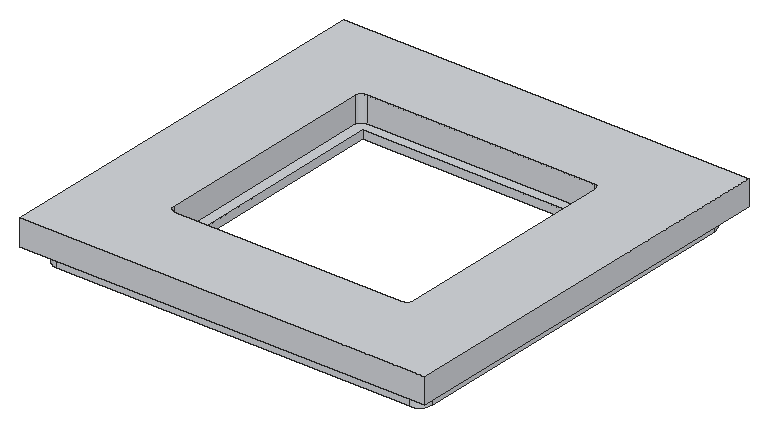
Revit family "Gira_021110", category Electrical Fixtures, host Face, Revit 2017
Family settings
  Host = Face
  Maintain Annotation Orientation = No
  Round Connector Dimension = Use Diameter
  Part Type = Normal
  Cut with Voids When Loaded = No
  Shared = No
  Room Calculation Point = No
Parameters (values of type "Abdeckrahmen 1f Gira Esprit Chrom")
  Werkstoffgüte = "sonstige"
  Werkstoff = "Metall"
  URL = "http://katalog.gira.de/de_DE/datenblatt.html?artikelnr=021110"
  Transparent = "No"
  Textfeld/Beschriftungsfläche = "No"
  Schutzart (IP) = "IP20"
  Region = "DE"
  Oberfläche = "sonstige"
  Name = "Abdeckrahmen 1f Gira Esprit Chrom"
  Montagerichtung = "horizontal und vertikal"
  Mit Klappdeckel = "No"
  Manufacturer URL = "https://www.gira.de/"
  Keynote = "Espr._Rahmen_1fach"
  HeinzeBIM = "https://bimportal.heinze.de/bim/abdeckrahmen-1f-gira-esprit-chrom/99ff14b6bf2d1a5269b66882fb3ec5e0bf4150da"
  Halogenfrei = "No"
  HAN = "021110"
  Geeignet für Unterputz-Installation = "Yes"
  Geeignet für Unterflurkanaldose = "No"
  Geeignet für Geräteeinbaukanal = "No"
  Geeignet für Einbauinstallation = "No"
  GTIN = "4010337003014"
  Farbe = "chrom"
  Default Elevation = 1219.2 mm
  Data sheet (1) = "https://katalog.gira.de/de_DE/download.html?artikelnr=021110"
  Category = "Abdeckrahmen"
  Befestigungsart = "Klemmbefestigung"
  Available = "Yes"
  Anzahl der Einheiten vertikal = "1 "
  Anzahl der Einheiten horizontal = "1 "
  Anzahl der Einheiten = "1 "
Reference planes
  plane 1 "Center (Front/Back)": y = 0
  plane 2: z = 0
  plane 3 "Center (Left/Right)": x = 0
Forms (mm)
  Extrusion 1, solid, detail levels fine
    sketch origin (0, 0, 0) x (1, 0, 0) y (0, 1, 0)
      loop
        line (-47.5, 47.5) -> (-47.5, -47.5) -> (47.5, -47.5) -> (47.5, 47.5) -> (-47.5, 47.5)
      loop
        arc (-28.2, -26.7) -> (-27.761, -27.761) -> (-26.7, -28.2) r 1.5
        line (-26.7, -28.2) -> (26.7, -28.2)
        arc (26.7, -28.2) -> (27.761, -27.761) -> (28.2, -26.7) r 1.5
        line (28.2, -26.7) -> (28.2, 26.7)
        arc (28.2, 26.7) -> (27.761, 27.761) -> (26.7, 28.2) r 1.5
        line (26.7, 28.2) -> (-26.7, 28.2)
        arc (-26.7, 28.2) -> (-27.761, 27.761) -> (-28.2, 26.7) r 1.5
        line (-28.2, 26.7) -> (-28.2, -26.7)
    from 0 to 6
  Extrusion 2, solid, detail levels fine
    sketch origin (0, 0, 0) x (1, 0, 0) y (0, 1, 0)
      loop
        line (-25.7, -25.7) -> (25.7, -25.7) -> (25.7, 25.7) -> (-25.7, 25.7) -> (-25.7, -25.7)
      loop
        arc (-43.1, -41.3) -> (-42.573, -42.573) -> (-41.3, -43.1) r 1.8
        line (-41.3, -43.1) -> (41.3, -43.1)
        arc (41.3, -43.1) -> (42.573, -42.573) -> (43.1, -41.3) r 1.8
        line (43.1, -41.3) -> (43.1, 41.3)
        arc (43.1, 41.3) -> (42.573, 42.573) -> (41.3, 43.1) r 1.8
        line (41.3, 43.1) -> (-41.3, 43.1)
        arc (-41.3, 43.1) -> (-42.573, 42.573) -> (-43.1, 41.3) r 1.8
        line (-43.1, 41.3) -> (-43.1, -41.3)
    from -1.9 to 0
  Extrusion 3, solid, detail levels fine
    sketch origin (0, 0, 0) x (1, 0, 0) y (0, 1, 0)
      loop
        arc (-41.4, 44.4) -> (-43.521, 43.521) -> (-44.4, 41.4) r 3
        line (-44.4, 41.4) -> (-44.4, -41.4)
        arc (-44.4, -41.4) -> (-43.521, -43.521) -> (-41.4, -44.4) r 3
        line (-41.4, -44.4) -> (41.4, -44.4)
        arc (41.4, -44.4) -> (43.521, -43.521) -> (44.4, -41.4) r 3
        line (44.4, -41.4) -> (44.4, 41.4)
        arc (44.4, 41.4) -> (43.521, 43.521) -> (41.4, 44.4) r 3
        line (41.4, 44.4) -> (-41.4, 44.4)
      loop
        line (-43.1, 41.3) -> (-43.1, -41.3)
        arc (-43.1, -41.3) -> (-42.573, -42.573) -> (-41.3, -43.1) r 1.8
        line (-41.3, -43.1) -> (41.3, -43.1)
        arc (41.3, -43.1) -> (42.573, -42.573) -> (43.1, -41.3) r 1.8
        line (43.1, -41.3) -> (43.1, 41.3)
        arc (43.1, 41.3) -> (42.573, 42.573) -> (41.3, 43.1) r 1.8
        line (41.3, 43.1) -> (-41.3, 43.1)
        arc (-41.3, 43.1) -> (-42.573, 42.573) -> (-43.1, 41.3) r 1.8
    from -3.7 to 0
  Extrusion 4, solid, detail levels medium
    sketch origin (0, 0, 0) x (1, 0, 0) y (0, 1, 0)
      loop
        line (-47.5, 47.5) -> (-47.5, -47.5) -> (47.5, -47.5) -> (47.5, 47.5) -> (-47.5, 47.5)
    from 0 to 6
  Extrusion 5, solid, detail levels medium
    sketch origin (0, 0, 0) x (1, 0, 0) y (0, 1, 0)
      loop
        line (-44.4, 44.4) -> (-44.4, -44.4) -> (44.4, -44.4) -> (44.4, 44.4) -> (-44.4, 44.4)
    from -3.7 to 0
  Extrusion 6, solid, detail levels coarse
    sketch origin (0, 0, 0) x (1, 0, 0) y (0, 1, 0)
      loop
        line (-47.5, 47.5) -> (-47.5, -47.5) -> (47.5, -47.5) -> (47.5, 47.5) -> (-47.5, 47.5)
    from -3.7 to 6
Dimensions and locks
  aligned and locked: plane 2 to host face
  aligned and locked: level to host face
